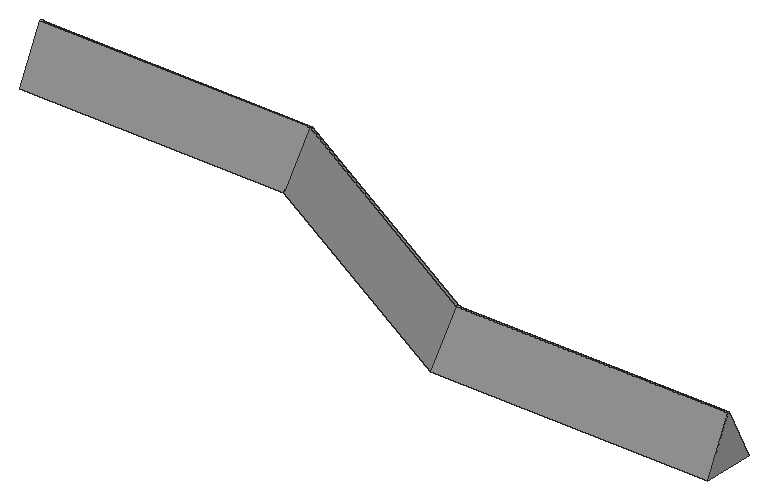
Revit family "Zig-Zag_StQ3+_50mm_p_i_t_1132115", category Generic Models, Revit 2019
Family settings
  Can host rebar = No
  Round Connector Dimension = Use Diameter
  Part Type = Normal
  Work Plane-Based = Yes
  Always vertical = No
  Cut with Voids When Loaded = No
  Shared = No
  Room Calculation Point = No
Parameters (values of type "50 mm")
  concrete = Concrete
  Website Link = "https://haucon.dk/produkt/beton-zig-zag-stq3/#variations"
  Total Length = 800 mm
  Technical Data Sheet = "https://haucon.dk/wp-content/uploads/2019/07/1132100-Beton-zig-zag-STQ3_1.0-TDS-DK.pdf"
  Default Elevation = 1219.2 mm
  Armerment width = 50 mm
  Armerment Height = Armerment width  # 50 mm
Types (6, lengths in mm): name | Armerment width | Armerment Height
  35 mm | 35 | 35
  55 mm | 55 | 55
  40 mm | 40 | 40
  45 mm | 45 | 45
  50 mm | 50 | 50
  60 mm | 60 | 60
Reference planes
  plane 1 "Center (Front/Back)": y = 0
  plane 2: z = 0
  plane 3 "Center (Left/Right)": x = 0
  plane 4: y = 25
  plane 5: y = -25
  plane 6: z = 50
  plane 7: x = 266.667
  plane 8: x = 533.333
  plane 9: x = 800
Forms (mm)
  Sweep 1, solid, material "Concrete" <- "concrete"
    path origin (135, 0, 0) x (1, 0, 0) y (0, 1, 0)
      loop
        line (-135, 0) -> (132.554, 0) -> (397.446, -149.776) -> (665, -149.776)
    profile origin (133.777, 0, 0) x (0, 1, 0) y (0, 0, 1)
      loop
        line (25, 0) -> (0.856, 49.544)
        arc (0.856, 49.544) -> (0, 49.98) -> (-0.856, 49.544) r 1.059
        line (-0.856, 49.544) -> (-25, 0) -> (25, 0)
Dimensions and locks
  equal spacing: plane 4, plane 1 "Center (Front/Back)", plane 5
  "Armerment width": plane 4 to plane 5
  "Armerment Height": level to plane 6
  "Total Length": plane 3 "Center (Left/Right)" to plane 9
  equal spacing: plane 3 "Center (Left/Right)", plane 7, plane 8, plane 9
  aligned and locked: level to plane 2
  aligned and locked: level to Sweep 1 sketch curve
  aligned and locked: plane 3 "Center (Left/Right)" to Sweep 1
  aligned and locked: plane 9 to Sweep 1 sketch curve
Automatic sketch dimensions
  plane 1 "Center (Front/Back)" to Sweep 1 sketch curve = 0 mm
  Sweep 1 sketch curve to plane 3 "Center (Left/Right)" = 0 mm
  Sweep 1 sketch curve to plane 7 = 0.887 mm
  plane 8 to Sweep 1 sketch curve = 0.887 mm
  plane 1 "Center (Front/Back)" to Sweep 1 sketch curve = 149.776 mm
  Sweep 1 sketch curve to plane 5 = 0 mm
  Sweep 1 sketch curve to profile plane = 0 mm
  Sweep 1 sketch curve to plane 4 = 0 mm
  plane 6 to Sweep 1 sketch curve = 0.456 mm  (x2)
  profile plane to Sweep 1 sketch curve = 0.856 mm
  Sweep 1 sketch curve to Sweep 1 sketch curve = 0.623 mm
